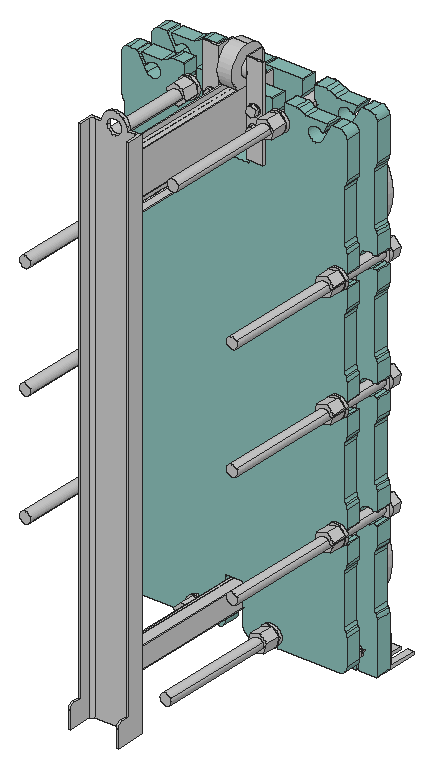
Revit family "MIT 741 - Heat Exchanger", category Specialty Equipment, Revit 2022 (continued)
Forms (mm)
  Extrusion 32, void
    sketch origin (-52.5, -548, 0) x (1, 0, 0) y (0, 0, 1)
      loop
        line (88, 1453) -> (120, 1453) -> (120, 2169.894) -> (-15, 2169.894) -> (-15, 1453) -> (17, 1453)
      loop
        circle (52.5, 1451.5) r 20
    from -8 to 72
  Extrusion 33, void
    sketch origin (-67.5, -620, 0) x (0, 1, 0) y (0, 0, -1)
      loop
        arc (15, -60) -> (4.393, -55.607) -> (0, -45) r 15
        line (0, -45) -> (0, -2134) -> (35, -2134) -> (35, -60) -> (15, -60)
    from -143.878 to 16.14
  Extrusion 34, solid, material "Galvanized Steel- S235JR", detail levels fine
    sketch origin (0, 0, 0) x (1, 0, 0) y (0, 0, 1)
      loop
        circle (252.5, 46.75) r 14
      loop
        circle (-252.5, 46.75) r 14
    from -11 to -8
  Extrusion 35, solid, material "Galvanized Steel", detail levels medium
    sketch origin (4.063, 0, 0) x (1, 0, 0) y (0, 0, 1)
      loop
        line (-309.063, 0) -> (-204.063, 0) -> (-204.063, 25) -> (-179.063, 50) -> (170.937, 50) -> (195.937, 25) -> (195.937, 0) -> (300.937, 0) -> (300.937, 1380) -> (-309.063, 1380) -> (-309.063, 0)
      loop
        circle (-152.563, 1140) r 65
      loop
        circle (-152.563, 250) r 65
      loop
        circle (-284.063, 1004.99) r 21
      loop
        circle (-224.063, 1333) r 20
      loop
        circle (-284.063, 695) r 21
      loop
        circle (-284.063, 385) r 21
      loop
        circle (-256.563, 46.75) r 11
      loop
        circle (-104.063, 77.5) r 21
      loop
        circle (-4.063, 90) r 9.5
      loop
        circle (-4.063, 150) r 9.5
      loop
        circle (-124.063, 1330) r 21
      loop
        circle (-4.063, 1343) r 9.5
      loop
        circle (-4.063, 1283) r 9.5
      loop
        circle (144.437, 1140) r 65
      loop
        circle (144.437, 250) r 65
      loop
        circle (275.937, 1004.99) r 21
      loop
        circle (215.937, 1333) r 20
      loop
        circle (275.937, 695) r 21
      loop
        circle (275.937, 385) r 21
      loop
        circle (248.437, 46.75) r 11
      loop
        circle (95.937, 77.5) r 21
      loop
        circle (115.937, 1330) r 21
    from 0 to 40
  Extrusion 36, solid, material "Galvanized Steel", detail levels medium
    sketch origin (4.063, -102, 0) x (-1, 0, 0) y (0, 0, 1)
      loop
        line (-18.937, 50) -> (-18.937, 180) -> (27.063, 180) -> (27.063, 50) -> (309.063, 50) -> (309.063, 1380) -> (45.063, 1380) -> (45.063, 1200.5) -> (-36.937, 1200.5) -> (-36.937, 1380) -> (-300.937, 1380) -> (-300.937, 50) -> (-18.937, 50)
      loop
        circle (-95.937, 77.5) r 21
      loop
        circle (-275.937, 385) r 21
      loop
        circle (-275.937, 695) r 21
      loop
        circle (-275.937, 1004.99) r 21
      loop
        circle (-115.937, 1330) r 21
      loop
        circle (-215.937, 1333) r 20
      loop
        circle (104.063, 77.5) r 21
      loop
        circle (284.063, 385) r 21
      loop
        circle (284.063, 695) r 21
      loop
        circle (284.063, 1004.99) r 21
      loop
        circle (124.063, 1330) r 21
      loop
        circle (224.063, 1333) r 20
      loop
        circle (61.763, 1337.7) r 10.5
      loop
        circle (61.763, 1287.7) r 10.5
      loop
        circle (-53.637, 1287.7) r 10.5
      loop
        circle (-53.637, 1337.7) r 10.5
    from 0 to -40 <- "Follower Plate"
  Extrusion 37, solid, material "AISI 316L/Titanium/Hastelloy", detail levels medium
    sketch origin (0, -40, 0) x (-1, 0, 0) y (0, 0, 1)
      loop
        circle (-148.5, 1140) r 72.5
      loop
        circle (-148.5, 250) r 72.5
      loop
        line (-10.629, 1246.5) -> (-177, 1246.5) -> (-247, 1176.5) -> (-247, 213.5) -> (-177, 143.5) -> (-10.629, 143.5) -> (-41.555, 177) -> (41.555, 177) -> (10.629, 143.5) -> (177, 143.5) -> (247, 213.5) -> (247, 1176.5) -> (177, 1246.5) -> (10.629, 1246.5) -> (41.555, 1213) -> (-41.555, 1213) -> (-10.629, 1246.5)
      loop
        circle (148.5, 1140) r 72.5
      loop
        circle (148.5, 250) r 72.5
    from 0 to -62
  Extrusion 38, solid, material "AISI 316L/Titanium/Hastelloy", detail levels coarse
    sketch origin (0, -40, 0) x (-1, 0, 0) y (0, 0, 1)
      loop
        line (-33.85, 1246.5) -> (-247, 1246.5) -> (-247, 143.5) -> (-33.85, 143.5) -> (-33.85, 177) -> (33.85, 177) -> (33.85, 143.5) -> (247, 143.5) -> (247, 1246.5) -> (33.85, 1246.5) -> (33.85, 1213) -> (-33.85, 1213) -> (-33.85, 1246.5)
    from 0 to -62
  Extrusion 39, solid, material "Galvanized Steel- S235JR", detail levels coarse
    sketch origin (0, 0, 0) x (1, 0, 0) y (0, 0, 1)
      loop
        circle (148.5, 1140) r 142.5
      loop
        circle (-148.5, 1140) r 142.5
      loop
        circle (148.5, 250) r 142.5
      loop
        circle (-148.5, 250) r 142.5
    from -28.2 to 0
  Extrusion 40, solid, material "Galvanized Steel", detail levels coarse
    sketch origin (4.063, 0, 0) x (1, 0, 0) y (0, 0, 1)
      loop
        line (-309.063, 0) -> (300.937, 0) -> (300.937, 1380) -> (-309.063, 1380) -> (-309.063, 0)
      loop
        circle (-284.063, 1004.99) r 21
      loop
        circle (-284.063, 695) r 21
      loop
        circle (-284.063, 385) r 21
      loop
        circle (-256.563, 46.75) r 11
      loop
        circle (-104.063, 77.5) r 21
      loop
        circle (-124.063, 1330) r 21
      loop
        circle (275.937, 1004.99) r 21
      loop
        circle (275.937, 695) r 21
      loop
        circle (275.937, 385) r 21
      loop
        circle (248.437, 46.75) r 11
      loop
        circle (95.937, 77.5) r 21
      loop
        circle (115.937, 1330) r 21
    from 0 to 40
  Extrusion 41, solid, material "Galvanized Steel", detail levels coarse
    sketch origin (4.063, -102, 0) x (-1, 0, 0) y (0, 0, 1)
      loop
        line (-18.937, 50) -> (-18.937, 180) -> (27.063, 180) -> (27.063, 50) -> (309.063, 50) -> (309.063, 1380) -> (45.063, 1380) -> (45.063, 1200.5) -> (-36.937, 1200.5) -> (-36.937, 1380) -> (-300.937, 1380) -> (-300.937, 50) -> (-18.937, 50)
      loop
        circle (-95.937, 77.5) r 21
      loop
        circle (-275.937, 385) r 21
      loop
        circle (-275.937, 695) r 21
      loop
        circle (-275.937, 1004.99) r 21
      loop
        circle (-115.937, 1330) r 21
      loop
        circle (104.063, 77.5) r 21
      loop
        circle (284.063, 385) r 21
      loop
        circle (284.063, 695) r 21
      loop
        circle (284.063, 1004.99) r 21
      loop
        circle (224.063, 1333) r 20
      loop
        circle (61.763, 1337.7) r 10.5
      loop
        circle (61.763, 1287.7) r 10.5
      loop
        circle (-53.637, 1287.7) r 10.5
      loop
        circle (-53.637, 1337.7) r 10.5
    from 0 to -40 <- "Follower Plate"
  Extrusion 42, solid, material "AISI 316L/Titanium/Hastelloy", detail levels coarse
    sketch origin (0, 0, 0) x (0, 1, 0) y (1, 0, 0)
      loop
        line (-540, 67.5) -> (-620, 67.5) -> (-620, -67.5) -> (-540, -67.5) -> (-540, 67.5)
    from 0 to -1489
  Revolve 43, solid, material "EPDM", detail levels fine
    sketch origin (0, 0, 1140) x (1, 0, 0) y (0, 1, 0)
      loop
        line (233.75, -43) -> (233.75, -40) -> (213.5, -40) -> (213.5, 0) -> (233.75, 0) -> (233.75, 3) -> (210.5, 3) -> (210.5, -43) -> (233.75, -43)
      axis (148.5, -43) -> (148.5, 3)
    angle from 0 to 360
  Revolve 44, solid, material "EPDM", detail levels fine
    sketch origin (-297, 0, 1140) x (1, 0, 0) y (0, 1, 0)
      loop
        line (233.75, -43) -> (233.75, -40) -> (213.5, -40) -> (213.5, 0) -> (233.75, 0) -> (233.75, 3) -> (210.5, 3) -> (210.5, -43) -> (233.75, -43)
      axis (148.5, -43) -> (148.5, 3)
    angle from 0 to 360
  Revolve 45, solid, material "EPDM", detail levels fine
    sketch origin (-297, 0, 250) x (1, 0, 0) y (0, 1, 0)
      loop
        line (233.75, -43) -> (233.75, -40) -> (213.5, -40) -> (213.5, 0) -> (233.75, 0) -> (233.75, 3) -> (210.5, 3) -> (210.5, -43) -> (233.75, -43)
      axis (148.5, -43) -> (148.5, 3)
    angle from 0 to 360
  Revolve 46, solid, material "EPDM", detail levels fine
    sketch origin (0, 0, 250) x (1, 0, 0) y (0, 1, 0)
      loop
        line (233.75, -43) -> (233.75, -40) -> (213.5, -40) -> (213.5, 0) -> (233.75, 0) -> (233.75, 3) -> (210.5, 3) -> (210.5, -43) -> (233.75, -43)
      axis (148.5, -43) -> (148.5, 3)
    angle from 0 to 360
Cuts and joins
  Extrusion 17 cuts Extrusion 18
  joined: Extrusion 19, Extrusion 20
  joined: Extrusion 21, Extrusion 22
  Extrusion 32, Extrusion 33 cuts Extrusion 11
Dimensions and locks
  "Lk": plane 7 "1" to plane 6 "2"
  "Head & Follower Plate": plane 1 "Center (Front/Back)" to plane 7 "1"
  "Lc": plane 7 "1" to plane 8 "3"
  "Lc": plane 10 to plane 1 "Center (Front/Back)"
  locked: Extrusion 11 sketch curve to Extrusion 11 sketch curve at 80
  locked: Extrusion 30 to plane 6 "2" at 24.122
  locked: Revolve 43 sketch curve to plane 1 "Center (Front/Back)" at 3
  locked: Revolve 43 sketch curve to plane 7 "1" at 3
  locked: Revolve 43 sketch curve to Revolve 43 sketch curve at 3
  locked: Revolve 44 sketch curve to Revolve 44 sketch curve at 3
  locked: Revolve 45 sketch curve to Revolve 45 sketch curve at 3
  locked: Revolve 46 sketch curve to Revolve 46 sketch curve at 3
  aligned and locked: level to plane 2
  aligned and locked: Extrusion 1 to plane 7 "1"
  aligned and locked: Extrusion 1 to plane 1 "Center (Front/Back)"
  aligned and locked: Extrusion 4 to plane 10
  aligned and locked: Extrusion 4 to plane 1 "Center (Front/Back)"
  aligned and locked: Extrusion 3 to plane 8 "3"
  aligned and locked: Extrusion 3 to Extrusion 1
  aligned and locked: Extrusion 11 sketch curve to Extrusion 11 sketch curve
  aligned and locked: Extrusion 30 to Extrusion 26
  aligned and locked: Extrusion 31 to Extrusion 2
  aligned and locked: Extrusion 37 to Extrusion 36  (x2)
  aligned and locked: Extrusion 2 to Extrusion 38
  aligned and locked: Extrusion 42 sketch curve to cut or joined group of Extrusion 11, Extrusion 32, Extrusion 33  (x4)
  aligned and locked: Extrusion 40 to Revolve 43 sketch curve  (x2)
Automatic sketch dimensions
  Extrusion 1 sketch curve to Extrusion 1 sketch curve = 0.00 mm  (x39)
  Extrusion 1 sketch curve to level = 0.00 mm  (x4)
  Extrusion 1 sketch curve to plane 11 "12" = 0.00 mm  (x2)
  Extrusion 1 sketch curve to plane 3 "Center (Left/Right)" = 0.00 mm  (x4)
  Extrusion 1 sketch curve to plane 3 "Center (Left/Right)" = 3.00 mm  (x4)
  Extrusion 1 sketch curve to Extrusion 1 sketch curve = 2.00 mm  (x50)
  Extrusion 1 sketch curve to Extrusion 1 sketch curve = 76.75 mm  (x2)
  Extrusion 1 sketch curve to Extrusion 1 sketch curve = 16.25 mm  (x18)
  Extrusion 1 sketch curve to Extrusion 1 sketch curve = 96.75 mm  (x2)
  Extrusion 1 sketch curve to Extrusion 1 sketch curve = 32.50 mm  (x4)
  Extrusion 1 sketch curve to plane 3 "Center (Left/Right)" = 148.50 mm  (x2)
  Extrusion 1 sketch curve to Extrusion 1 sketch curve = 26.391 mm  (x2)
  Extrusion 1 sketch curve to Extrusion 1 sketch curve = 50.537 mm  (x2)
  Extrusion 1 sketch curve to Extrusion 1 sketch curve = 10.00 mm  (x6)
  level to Extrusion 1 sketch curve = 45.607 mm  (x2)
  Extrusion 1 sketch curve to Extrusion 1 sketch curve = 10.607 mm  (x6)
  Extrusion 1 sketch curve to Extrusion 1 sketch curve = 16.213 mm  (x2)
  Extrusion 1 sketch curve to Extrusion 1 sketch curve = 11.503 mm  (x2)
  level to Extrusion 1 sketch curve = 29.393 mm  (x2)
  Extrusion 1 sketch curve to Extrusion 1 sketch curve = 4.393 mm  (x2)
  Extrusion 1 sketch curve to Extrusion 1 sketch curve = 23.856 mm  (x2)
  Extrusion 1 sketch curve to Extrusion 1 sketch curve = 17.321 mm  (x8)
  Extrusion 1 sketch curve to Extrusion 1 sketch curve = 1.138 mm
  Extrusion 1 sketch curve to Extrusion 1 sketch curve = 1.732 mm  (x6)
  level to Extrusion 1 sketch curve = 2.00 mm  (x4)
  Extrusion 1 sketch curve to Extrusion 1 sketch curve = 45.50 mm  (x4)
  Extrusion 1 sketch curve to Extrusion 1 sketch curve = 12.141 mm  (x2)
  Extrusion 1 sketch curve to Extrusion 1 sketch curve = 3.00 mm  (x4)
  Extrusion 1 sketch curve to Extrusion 1 sketch curve = 6.00 mm  (x2)
  Extrusion 1 sketch curve to Extrusion 1 sketch curve = 10.392 mm  (x2)
  Extrusion 1 sketch curve to plane 3 "Center (Left/Right)" = 280.00 mm
  Extrusion 1 sketch curve to Extrusion 1 sketch curve = 131.50 mm  (x4)
  Extrusion 1 sketch curve to Extrusion 1 sketch curve = 20.544 mm  (x2)
  Extrusion 1 sketch curve to Extrusion 1 sketch curve = 5.00 mm  (x12)
  Extrusion 1 sketch curve to Extrusion 1 sketch curve = 47.679 mm  (x2)
  Extrusion 1 sketch curve to Extrusion 1 sketch curve = 13.998 mm  (x12)
  Extrusion 1 sketch curve to Extrusion 1 sketch curve = 12.00 mm  (x10)
  Extrusion 1 sketch curve to Extrusion 1 sketch curve = 2.679 mm  (x28)
  plane 11 "12" to Extrusion 1 sketch curve = 94.631 mm  (x2)
  Extrusion 1 sketch curve to plane 11 "12" = 215.369 mm  (x2)
  Extrusion 1 sketch curve to plane 11 "12" = 54.651 mm  (x2)
  level to Extrusion 1 sketch curve = 155.349 mm  (x2)
  Extrusion 1 sketch curve to Extrusion 1 sketch curve = 2.641 mm  (x16)
  plane 11 "12" to Extrusion 1 sketch curve = 99.205 mm  (x2)
  Extrusion 1 sketch curve to plane 11 "12" = 59.225 mm  (x2)
  level to Extrusion 1 sketch curve = 150.775 mm  (x2)
  Extrusion 1 sketch curve to Extrusion 1 sketch curve = 9.002 mm  (x12)
  Extrusion 1 sketch curve to Extrusion 1 sketch curve = 20.00 mm  (x11)
  plane 3 "Center (Left/Right)" to Extrusion 1 sketch curve = 3.00 mm  (x4)
  plane 3 "Center (Left/Right)" to Extrusion 1 sketch curve = 148.50 mm  (x2)
  Extrusion 1 sketch curve to Extrusion 1 sketch curve = 18.458 mm
  plane 3 "Center (Left/Right)" to Extrusion 1 sketch curve = 280.00 mm
  Extrusion 1 sketch curve to Extrusion 1 sketch curve = 32.75 mm  (x2)
  Extrusion 1 sketch curve to Extrusion 1 sketch curve = 11.502 mm  (x2)
  Extrusion 1 sketch curve to Extrusion 1 sketch curve = 12.198 mm  (x2)
  Extrusion 1 sketch curve to Extrusion 1 sketch curve = 13.302 mm  (x4)
  Extrusion 1 sketch curve to Extrusion 1 sketch curve = 27.644 mm
  Extrusion 1 sketch curve to Extrusion 1 sketch curve = 10.356 mm  (x6)
  Extrusion 1 sketch curve to Extrusion 1 sketch curve = 39.288 mm  (x2)
  Extrusion 1 sketch curve to Extrusion 1 sketch curve = 84.651 mm  (x2)
  Extrusion 1 sketch curve to Extrusion 1 sketch curve = 129.282 mm  (x4)
  Extrusion 1 sketch curve to Extrusion 1 sketch curve = 4.574 mm  (x10)
  Extrusion 1 sketch curve to Extrusion 1 sketch curve = 47.545 mm  (x4)
  Extrusion 1 sketch curve to Extrusion 1 sketch curve = 47.525 mm  (x4)
  Extrusion 1 sketch curve to Extrusion 1 sketch curve = 47.535 mm  (x2)
  plane 11 "12" to Extrusion 1 sketch curve = 143.00 mm
  Extrusion 1 sketch curve to Extrusion 1 sketch curve = 73.795 mm  (x2)
  Extrusion 1 sketch curve to Extrusion 1 sketch curve = 7.00 mm  (x2)
  Extrusion 1 sketch curve to Extrusion 1 sketch curve = 20.971 mm  (x2)
  Extrusion 1 sketch curve to Extrusion 1 sketch curve = 1.00 mm  (x4)
  Extrusion 1 sketch curve to Extrusion 1 sketch curve = 4.029 mm  (x2)
  Extrusion 1 sketch curve to Extrusion 1 sketch curve = 16.698 mm  (x2)
  Extrusion 1 sketch curve to Extrusion 1 sketch curve = 6.641 mm  (x2)
  Extrusion 1 sketch curve to Extrusion 1 sketch curve = 43.592 mm  (x8)
  Extrusion 1 sketch curve to Extrusion 1 sketch curve = 48.216 mm  (x2)
  Extrusion 1 sketch curve to plane 11 "12" = 48.216 mm  (x2)
  plane 3 "Center (Left/Right)" to Extrusion 2 sketch curve = 317.00 mm  (x3)
  Extrusion 2 sketch curve to plane 11 "12" = 44.651 mm
  Extrusion 2 sketch curve to Extrusion 2 sketch curve = 0.00 mm  (x25)
  Extrusion 2 sketch curve to Extrusion 2 sketch curve = 12.00 mm  (x11)
  Extrusion 2 sketch curve to Extrusion 2 sketch curve = 2.00 mm  (x33)
  Extrusion 2 sketch curve to Extrusion 2 sketch curve = 2.679 mm  (x24)
  plane 11 "12" to Extrusion 2 sketch curve = 99.205 mm  (x2)
  Extrusion 2 sketch curve to plane 11 "12" = 59.225 mm  (x2)
  level to Extrusion 2 sketch curve = 150.775 mm  (x2)
  Extrusion 2 sketch curve to plane 11 "12" = 210.795 mm
  Extrusion 2 sketch curve to Extrusion 2 sketch curve = 2.641 mm  (x16)
  Extrusion 2 sketch curve to plane 11 "12" = 54.651 mm  (x2)
  plane 11 "12" to Extrusion 2 sketch curve = 94.631 mm  (x2)
  level to Extrusion 2 sketch curve = 155.349 mm  (x2)
  Extrusion 2 sketch curve to Extrusion 2 sketch curve = 9.002 mm  (x12)
  Extrusion 2 sketch curve to Extrusion 2 sketch curve = 17.321 mm  (x11)
  Extrusion 2 sketch curve to Extrusion 2 sketch curve = 20.00 mm  (x12)
  Extrusion 2 sketch curve to Extrusion 2 sketch curve = 13.998 mm  (x9)
  Extrusion 2 sketch curve to Extrusion 2 sketch curve = 20.544 mm  (x2)
  Extrusion 2 sketch curve to Extrusion 2 sketch curve = 1.732 mm  (x6)
  Extrusion 2 sketch curve to Extrusion 2 sketch curve = 10.392 mm  (x2)
  Extrusion 2 sketch curve to Extrusion 2 sketch curve = 12.141 mm  (x2)
  Extrusion 2 sketch curve to Extrusion 2 sketch curve = 2.87 mm
  Extrusion 2 sketch curve to Extrusion 2 sketch curve = 23.856 mm  (x2)
  Extrusion 2 sketch curve to Extrusion 2 sketch curve = 10.00 mm  (x6)
  Extrusion 2 sketch curve to Extrusion 2 sketch curve = 11.503 mm  (x2)
  Extrusion 2 sketch curve to Extrusion 2 sketch curve = 26.391 mm  (x2)
  Extrusion 2 sketch curve to Extrusion 2 sketch curve = 28.391 mm
  Extrusion 2 sketch curve to Extrusion 2 sketch curve = 16.25 mm  (x17)
  level to Extrusion 2 sketch curve = 52.00 mm
  plane 3 "Center (Left/Right)" to Extrusion 2 sketch curve = 118.25 mm
  Extrusion 2 sketch curve to Extrusion 2 sketch curve = 32.50 mm  (x2)
  Extrusion 2 sketch curve to Extrusion 2 sketch curve = 46.05 mm
  Extrusion 2 sketch curve to Extrusion 2 sketch curve = 10.062 mm  (x4)
  Extrusion 2 sketch curve to Extrusion 2 sketch curve = 38.75 mm  (x2)
  Extrusion 2 sketch curve to Extrusion 2 sketch curve = 6.638 mm  (x4)
  Extrusion 2 sketch curve to Extrusion 2 sketch curve = 3.00 mm  (x8)
  Extrusion 2 sketch curve to plane 3 "Center (Left/Right)" = 20.00 mm
  Extrusion 2 sketch curve to plane 3 "Center (Left/Right)" = 39.00 mm
  Extrusion 2 sketch curve to plane 3 "Center (Left/Right)" = 41.00 mm
  Extrusion 2 sketch curve to Extrusion 2 sketch curve = 60.75 mm
  Extrusion 2 sketch curve to Extrusion 2 sketch curve = 1.138 mm
  Extrusion 2 sketch curve to plane 3 "Center (Left/Right)" = 280.00 mm  (x3)
  Extrusion 2 sketch curve to plane 11 "12" = 135.01 mm
  Extrusion 2 sketch curve to Extrusion 2 sketch curve = 5.00 mm  (x6)
  Extrusion 2 sketch curve to Extrusion 2 sketch curve = 47.679 mm
  level to Extrusion 2 sketch curve = 50.00 mm  (x3)
  Extrusion 2 sketch curve to Extrusion 2 sketch curve = 166.75 mm
  Extrusion 2 sketch curve to plane 11 "12" = 215.369 mm
  Extrusion 2 sketch curve to Extrusion 2 sketch curve = 11.502 mm  (x2)
  Extrusion 2 sketch curve to Extrusion 2 sketch curve = 12.198 mm  (x2)
  Extrusion 2 sketch curve to Extrusion 2 sketch curve = 13.302 mm  (x4)
  Extrusion 2 sketch curve to Extrusion 2 sketch curve = 107.00 mm
  Extrusion 2 sketch curve to Extrusion 2 sketch curve = 129.282 mm  (x4)
  Extrusion 2 sketch curve to Extrusion 2 sketch curve = 4.574 mm  (x9)
  Extrusion 2 sketch curve to Extrusion 2 sketch curve = 47.545 mm  (x4)
  Extrusion 2 sketch curve to Extrusion 2 sketch curve = 47.525 mm  (x4)
  Extrusion 2 sketch curve to Extrusion 2 sketch curve = 14.574 mm
  Extrusion 2 sketch curve to Extrusion 2 sketch curve = 47.535 mm
  Extrusion 2 sketch curve to Extrusion 2 sketch curve = 18.25 mm
  plane 11 "12" to Extrusion 2 sketch curve = 60.50 mm
  Extrusion 2 sketch curve to Extrusion 2 sketch curve = 82.20 mm
  Extrusion 2 sketch curve to Extrusion 2 sketch curve = 73.795 mm  (x2)
  Extrusion 2 sketch curve to Extrusion 2 sketch curve = 42.30 mm  (x2)
  Extrusion 2 sketch curve to Extrusion 2 sketch curve = 44.00 mm  (x2)
  Extrusion 2 sketch curve to Extrusion 2 sketch curve = 20.971 mm  (x2)
  Extrusion 2 sketch curve to Extrusion 2 sketch curve = 1.00 mm  (x4)
  Extrusion 2 sketch curve to Extrusion 2 sketch curve = 4.029 mm  (x2)
  Extrusion 2 sketch curve to Extrusion 2 sketch curve = 16.698 mm  (x2)
  Extrusion 2 sketch curve to Extrusion 2 sketch curve = 6.641 mm  (x2)
  Extrusion 3 sketch curve to plane 3 "Center (Left/Right)" = 26.125 mm
  Extrusion 3 sketch curve to plane 3 "Center (Left/Right)" = 23.125 mm
  Extrusion 3 sketch curve to Extrusion 3 sketch curve = 2.00 mm  (x11)
  Extrusion 3 sketch curve to Extrusion 3 sketch curve = 3.00 mm  (x10)
  Extrusion 3 sketch curve to plane 3 "Center (Left/Right)" = 20.00 mm
  Extrusion 3 sketch curve to Extrusion 3 sketch curve = 1.00 mm  (x2)
  Extrusion 3 sketch curve to Extrusion 3 sketch curve = 6.00 mm  (x2)
  Extrusion 3 sketch curve to plane 3 "Center (Left/Right)" = 6.125 mm  (x2)
  Extrusion 3 sketch curve to plane 3 "Center (Left/Right)" = 3.125 mm
  plane 3 "Center (Left/Right)" to Extrusion 3 sketch curve = 2.875 mm  (x2)
  plane 3 "Center (Left/Right)" to Extrusion 3 sketch curve = 12.875 mm
  Extrusion 3 sketch curve to Extrusion 3 sketch curve = 7.00 mm  (x2)
  plane 3 "Center (Left/Right)" to Extrusion 3 sketch curve = 15.00 mm  (x2)
  Extrusion 3 sketch curve to Extrusion 3 sketch curve = 8.00 mm
  Extrusion 3 sketch curve to Extrusion 3 sketch curve = 20.00 mm
  level to Extrusion 3 sketch curve = 110.00 mm
  Extrusion 3 sketch curve to Extrusion 3 sketch curve = 50.00 mm
  plane 11 "12" to Extrusion 3 sketch curve = 87.00 mm
  Extrusion 3 sketch curve to Extrusion 3 sketch curve = 0.00 mm  (x3)
  Extrusion 3 sketch curve to Extrusion 3 sketch curve = 24.00 mm
  Extrusion 3 sketch curve to Extrusion 3 sketch curve = 86.00 mm
  Extrusion 3 sketch curve to Extrusion 3 sketch curve = 5.00 mm
  Extrusion 3 sketch curve to Extrusion 3 sketch curve = 12.00 mm  (x2)
  Extrusion 4 sketch curve to Extrusion 4 sketch curve = 0.00 mm  (x20)
  Extrusion 4 sketch curve to plane 3 "Center (Left/Right)" = 280.00 mm  (x3)
  Extrusion 4 sketch curve to plane 11 "12" = 135.01 mm  (x2)
  Extrusion 4 sketch curve to plane 3 "Center (Left/Right)" = 120.00 mm
  Extrusion 4 sketch curve to plane 3 "Center (Left/Right)" = 100.00 mm
  plane 3 "Center (Left/Right)" to Extrusion 4 sketch curve = 100.00 mm
  plane 3 "Center (Left/Right)" to Extrusion 4 sketch curve = 120.00 mm
  plane 3 "Center (Left/Right)" to Extrusion 4 sketch curve = 280.00 mm  (x3)
  Extrusion 4 sketch curve to Extrusion 4 sketch curve = 310.00 mm  (x4)
  level to Extrusion 4 sketch curve = 77.50 mm  (x2)
  plane 11 "12" to Extrusion 4 sketch curve = 190.00 mm  (x2)
  Extrusion 4 sketch curve to Extrusion 4 sketch curve = 12.035 mm  (x12)
  Extrusion 4 sketch curve to Extrusion 4 sketch curve = 14.022 mm  (x8)
  Extrusion 4 sketch curve to Extrusion 4 sketch curve = 8.953 mm  (x6)
  Extrusion 4 sketch curve to Extrusion 4 sketch curve = 5.327 mm  (x4)
  level to Extrusion 5 sketch curve = 46.189 mm
  Extrusion 5 sketch curve to plane 3 "Center (Left/Right)" = 266.345 mm
  level to Extrusion 5 sketch curve = 58.46 mm
  Extrusion 5 sketch curve to Extrusion 5 sketch curve = 6.437 mm
  level to Extrusion 5 sketch curve = 34.479 mm
  Extrusion 5 sketch curve to Extrusion 5 sketch curve = 7.408 mm  (x2)
  level to Extrusion 5 sketch curve = 59.021 mm
  Extrusion 5 sketch curve to Extrusion 5 sketch curve = 13.845 mm  (x2)
  level to Extrusion 5 sketch curve = 35.04 mm
  level to Extrusion 5 sketch curve = 47.311 mm
  level to Extrusion 5 sketch curve = 41.574 mm
  plane 3 "Center (Left/Right)" to Extrusion 5 sketch curve = 239.647 mm
  level to Extrusion 5 sketch curve = 55.293 mm
  Extrusion 5 sketch curve to Extrusion 5 sketch curve = 1.944 mm  (x2)
  level to Extrusion 5 sketch curve = 33.031 mm
  Extrusion 5 sketch curve to Extrusion 5 sketch curve = 10.909 mm
  level to Extrusion 5 sketch curve = 60.469 mm
  Extrusion 5 sketch curve to Extrusion 5 sketch curve = 12.853 mm  (x2)
  level to Extrusion 5 sketch curve = 38.207 mm
  level to Extrusion 5 sketch curve = 51.926 mm
  Extrusion 6 sketch curve to Extrusion 6 sketch curve = 0.00 mm  (x2)
  Extrusion 6 sketch curve to Extrusion 1 = 4.485 mm  (x2)
  Extrusion 1 to Extrusion 6 sketch curve = 1.036 mm  (x2)
  Extrusion 7 sketch curve to Extrusion 7 sketch curve = 0.00 mm  (x4)
  level to Extrusion 7 sketch curve = 46.75 mm  (x2)
  Extrusion 7 sketch curve to plane 3 "Center (Left/Right)" = 252.50 mm
  plane 3 "Center (Left/Right)" to Extrusion 7 sketch curve = 252.50 mm
  Extrusion 7 sketch curve to Extrusion 7 sketch curve = 3.743 mm  (x2)
  Extrusion 7 sketch curve to Extrusion 7 sketch curve = 0.982 mm  (x2)
  Extrusion 7 sketch curve to Extrusion 7 sketch curve = 5.915 mm
  Extrusion 7 sketch curve to Extrusion 7 sketch curve = 6.931 mm
  Extrusion 1 to Extrusion 8 sketch curve = 3.811 mm
  Extrusion 8 sketch curve to Extrusion 1 = 10.845 mm  (x2)
  Extrusion 8 sketch curve to Extrusion 1 = 4.408 mm  (x2)
  Extrusion 8 sketch curve to Extrusion 1 = 3.437 mm  (x2)
  Extrusion 1 to Extrusion 8 sketch curve = 2.689 mm
  Extrusion 8 sketch curve to Extrusion 1 = 9.853 mm  (x2)
  Extrusion 8 sketch curve to Extrusion 1 = 7.909 mm  (x2)
  Extrusion 1 to Extrusion 8 sketch curve = 1.056 mm  (x2)
  Extrusion 8 sketch curve to Extrusion 1 = 1.926 mm
  Extrusion 1 to Extrusion 8 sketch curve = 8.426 mm
  Extrusion 1 to Extrusion 8 sketch curve = 11.793 mm
  Extrusion 8 sketch curve to Extrusion 8 sketch curve = 12.271 mm
  Extrusion 8 sketch curve to Extrusion 8 sketch curve = 11.71 mm
  Extrusion 8 sketch curve to Extrusion 8 sketch curve = 5.176 mm
  Extrusion 8 sketch curve to Extrusion 1 = 5.293 mm
  Extrusion 8 sketch curve to Extrusion 1 = 8.46 mm
  Extrusion 8 sketch curve to Extrusion 1 = 9.021 mm
  Extrusion 8 sketch curve to Extrusion 1 = 10.469 mm
  Extrusion 9 sketch curve to plane 3 "Center (Left/Right)" = 272.872 mm  (x2)
  Extrusion 9 sketch curve to plane 11 "12" = 49.015 mm
  plane 11 "12" to Extrusion 9 sketch curve = 39.439 mm
  Extrusion 9 sketch curve to Extrusion 9 sketch curve = 1.261 mm  (x4)
  plane 11 "12" to Extrusion 9 sketch curve = 53.286 mm
  Extrusion 9 sketch curve to Extrusion 9 sketch curve = 0.508 mm  (x25)
  Extrusion 9 sketch curve to plane 11 "12" = 35.771 mm
  Extrusion 9 sketch curve to Extrusion 9 sketch curve = 4.075 mm  (x17)
  Extrusion 9 sketch curve to Extrusion 9 sketch curve = 9.432 mm  (x29)
  Extrusion 9 sketch curve to plane 11 "12" = 59.166 mm  (x2)
  Extrusion 9 sketch curve to Extrusion 9 sketch curve = 11.738 mm  (x22)
  plane 11 "12" to Extrusion 9 sketch curve = 32.075 mm  (x2)
  plane 11 "12" to Extrusion 9 sketch curve = 59.769 mm
  Extrusion 9 sketch curve to Extrusion 9 sketch curve = 12.246 mm  (x31)
  Extrusion 9 sketch curve to Extrusion 9 sketch curve = 13.507 mm  (x32)
  Extrusion 9 sketch curve to plane 11 "12" = 32.678 mm
  Extrusion 9 sketch curve to plane 11 "12" = 56.073 mm
  plane 11 "12" to Extrusion 9 sketch curve = 38.558 mm
  plane 11 "12" to Extrusion 9 sketch curve = 52.405 mm
  Extrusion 9 sketch curve to plane 11 "12" = 42.829 mm
  Extrusion 9 sketch curve to Extrusion 9 sketch curve = 41.665 mm  (x6)
  Extrusion 9 sketch curve to Extrusion 9 sketch curve = 39.454 mm  (x5)
  Extrusion 9 sketch curve to Extrusion 9 sketch curve = 3.093 mm  (x17)
  plane 11 "12" to Extrusion 9 sketch curve = 101.434 mm
  Extrusion 9 sketch curve to Extrusion 9 sketch curve = 6.483 mm  (x18)
  Extrusion 9 sketch curve to Extrusion 9 sketch curve = 7.364 mm  (x24)
  Extrusion 9 sketch curve to plane 11 "12" = 98.619 mm
  Extrusion 9 sketch curve to Extrusion 9 sketch curve = 10.151 mm  (x25)
  Extrusion 9 sketch curve to Extrusion 9 sketch curve = 13.244 mm  (x28)
  Extrusion 9 sketch curve to Extrusion 9 sketch curve = 13.847 mm  (x28)
  Extrusion 9 sketch curve to Extrusion 9 sketch curve = 64.753 mm  (x12)
  Extrusion 9 sketch curve to plane 3 "Center (Left/Right)" = 51.141 mm  (x2)
  Extrusion 9 sketch curve to plane 3 "Center (Left/Right)" = 49.881 mm  (x2)
  plane 3 "Center (Left/Right)" to Extrusion 9 sketch curve = 24.128 mm  (x2)
  plane 3 "Center (Left/Right)" to Extrusion 9 sketch curve = 25.388 mm  (x2)
  plane 11 "12" to Extrusion 9 sketch curve = 98.619 mm
  Extrusion 9 sketch curve to plane 11 "12" = 101.434 mm  (x2)
  plane 11 "12" to Extrusion 9 sketch curve = 42.829 mm
  Extrusion 9 sketch curve to Extrusion 9 sketch curve = 44.953 mm  (x5)
  Extrusion 9 sketch curve to plane 11 "12" = 52.405 mm
  Extrusion 9 sketch curve to Extrusion 9 sketch curve = 42.547 mm  (x5)
  Extrusion 9 sketch curve to plane 11 "12" = 38.558 mm
  plane 11 "12" to Extrusion 9 sketch curve = 56.073 mm
  plane 11 "12" to Extrusion 9 sketch curve = 32.678 mm  (x2)
  Extrusion 9 sketch curve to plane 11 "12" = 59.769 mm  (x2)
  Extrusion 9 sketch curve to plane 11 "12" = 32.075 mm
  plane 11 "12" to Extrusion 9 sketch curve = 59.166 mm
  plane 11 "12" to Extrusion 9 sketch curve = 35.771 mm
  Extrusion 9 sketch curve to plane 11 "12" = 53.286 mm
  Extrusion 9 sketch curve to plane 11 "12" = 39.439 mm
  plane 11 "12" to Extrusion 9 sketch curve = 49.015 mm
  Extrusion 9 sketch curve to Extrusion 9 sketch curve = 5.357 mm  (x2)
  Extrusion 9 sketch curve to Extrusion 9 sketch curve = 3.567 mm
  Extrusion 9 sketch curve to Extrusion 9 sketch curve = 12.754 mm
  Extrusion 9 sketch curve to Extrusion 9 sketch curve = 1.017 mm
  level to Extrusion 9 sketch curve = 374.372 mm
  Extrusion 9 sketch curve to Extrusion 9 sketch curve = 0.00 mm
  Extrusion 9 sketch curve to Extrusion 9 sketch curve = 0.603 mm
  Extrusion 10 sketch curve to plane 3 "Center (Left/Right)" = 13.027 mm
  Extrusion 10 sketch curve to plane 3 "Center (Left/Right)" = 12.909 mm
  Extrusion 10 sketch curve to plane 3 "Center (Left/Right)" = 12.854 mm
  Extrusion 10 sketch curve to plane 3 "Center (Left/Right)" = 12.05 mm
  Extrusion 10 sketch curve to plane 3 "Center (Left/Right)" = 11.95 mm
  Extrusion 10 sketch curve to plane 3 "Center (Left/Right)" = 10.908 mm
  Extrusion 10 sketch curve to plane 3 "Center (Left/Right)" = 10.816 mm
  Extrusion 10 sketch curve to plane 3 "Center (Left/Right)" = 10.602 mm
  Extrusion 10 sketch curve to plane 3 "Center (Left/Right)" = 2.425 mm
  Extrusion 10 sketch curve to plane 3 "Center (Left/Right)" = 2.093 mm
  Extrusion 10 sketch curve to plane 3 "Center (Left/Right)" = 1.946 mm
  Extrusion 10 sketch curve to plane 3 "Center (Left/Right)" = 0.10 mm
  plane 3 "Center (Left/Right)" to Extrusion 10 sketch curve = 0.10 mm
  plane 3 "Center (Left/Right)" to Extrusion 10 sketch curve = 1.946 mm
  plane 3 "Center (Left/Right)" to Extrusion 10 sketch curve = 2.093 mm
  plane 3 "Center (Left/Right)" to Extrusion 10 sketch curve = 2.425 mm
  plane 3 "Center (Left/Right)" to Extrusion 10 sketch curve = 10.602 mm
  plane 3 "Center (Left/Right)" to Extrusion 10 sketch curve = 10.816 mm
  plane 3 "Center (Left/Right)" to Extrusion 10 sketch curve = 10.908 mm
  plane 3 "Center (Left/Right)" to Extrusion 10 sketch curve = 11.95 mm
  plane 3 "Center (Left/Right)" to Extrusion 10 sketch curve = 12.05 mm
  plane 3 "Center (Left/Right)" to Extrusion 10 sketch curve = 12.854 mm
  plane 3 "Center (Left/Right)" to Extrusion 10 sketch curve = 12.909 mm
  plane 3 "Center (Left/Right)" to Extrusion 10 sketch curve = 13.027 mm
  level to Extrusion 10 sketch curve = 76.303 mm
  Extrusion 10 sketch curve to Extrusion 10 sketch curve = 5.036 mm
  Extrusion 10 sketch curve to Extrusion 10 sketch curve = 8.661 mm  (x2)
  Extrusion 10 sketch curve to Extrusion 10 sketch curve = 13.697 mm  (x2)
  Extrusion 10 sketch curve to Extrusion 10 sketch curve = 32.583 mm
  Extrusion 10 sketch curve to Extrusion 10 sketch curve = 5.174 mm
  Extrusion 10 sketch curve to Extrusion 10 sketch curve = 8.545 mm  (x2)
  Extrusion 10 sketch curve to Extrusion 10 sketch curve = 13.719 mm  (x2)
  plane 11 "12" to Extrusion 10 sketch curve = 129.357 mm
  Extrusion 10 sketch curve to Extrusion 10 sketch curve = 4.721 mm  (x2)
  Extrusion 10 sketch curve to Extrusion 10 sketch curve = 8.922 mm
  Extrusion 10 sketch curve to Extrusion 10 sketch curve = 13.643 mm  (x2)
  Extrusion 10 sketch curve to Extrusion 10 sketch curve = 32.501 mm
  Extrusion 10 sketch curve to Extrusion 10 sketch curve = 6.842 mm
  Extrusion 10 sketch curve to Extrusion 10 sketch curve = 7.014 mm  (x2)
  Extrusion 10 sketch curve to Extrusion 10 sketch curve = 13.856 mm  (x2)
  Extrusion 11 sketch curve to plane 8 "3" = 0.00 mm
  Extrusion 11 sketch curve to plane 3 "Center (Left/Right)" = 67.50 mm
  Extrusion 11 sketch curve to Extrusion 11 sketch curve = 5.00 mm
  Extrusion 11 sketch curve to plane 8 "3" = 8.00 mm
  Extrusion 11 sketch curve to Extrusion 11 sketch curve = 10.00 mm
  plane 3 "Center (Left/Right)" to Extrusion 11 sketch curve = 52.50 mm
  plane 3 "Center (Left/Right)" to Extrusion 11 sketch curve = 62.50 mm
  Extrusion 11 sketch curve to Extrusion 11 sketch curve = 15.00 mm
  Extrusion 12 sketch curve to Extrusion 12 sketch curve = 0.00 mm  (x120)
  Extrusion 12 sketch curve to plane 11 "12" = 135.01 mm  (x2)
  Extrusion 12 sketch curve to plane 3 "Center (Left/Right)" = 280.00 mm  (x3)
  Extrusion 12 sketch curve to plane 3 "Center (Left/Right)" = 120.00 mm
  Extrusion 12 sketch curve to plane 3 "Center (Left/Right)" = 100.00 mm
  plane 3 "Center (Left/Right)" to Extrusion 12 sketch curve = 100.00 mm
  plane 3 "Center (Left/Right)" to Extrusion 12 sketch curve = 120.00 mm
  plane 3 "Center (Left/Right)" to Extrusion 12 sketch curve = 280.00 mm  (x3)
  Extrusion 12 sketch curve to Extrusion 12 sketch curve = 310.00 mm  (x4)
  level to Extrusion 12 sketch curve = 77.50 mm  (x2)
  plane 11 "12" to Extrusion 12 sketch curve = 190.00 mm  (x2)
  Extrusion 12 sketch curve to Extrusion 12 sketch curve = 0.472 mm  (x10)
  Extrusion 12 sketch curve to Extrusion 12 sketch curve = 12.035 mm  (x12)
  Extrusion 12 sketch curve to Extrusion 12 sketch curve = 12.508 mm  (x6)
  Extrusion 12 sketch curve to Extrusion 12 sketch curve = 14.022 mm  (x8)
  Extrusion 12 sketch curve to Extrusion 12 sketch curve = 14.494 mm  (x4)
  Extrusion 12 sketch curve to Extrusion 12 sketch curve = 8.953 mm  (x6)
  Extrusion 12 sketch curve to Extrusion 12 sketch curve = 18.543 mm  (x2)
  Extrusion 12 sketch curve to Extrusion 12 sketch curve = 27.496 mm  (x8)
  Extrusion 12 sketch curve to Extrusion 12 sketch curve = 5.327 mm  (x4)
  Extrusion 2 to Extrusion 13 sketch curve = 0.66 mm  (x6)
  Extrusion 2 to Extrusion 13 sketch curve = 1.76 mm  (x6)
  Extrusion 13 sketch curve to Extrusion 2 = 10.10 mm  (x6)
  Extrusion 13 sketch curve to Extrusion 2 = 9.406 mm  (x4)
  Extrusion 13 sketch curve to Extrusion 2 = 23.90 mm  (x6)
  Extrusion 13 sketch curve to Extrusion 2 = 9.396 mm  (x4)
  Extrusion 13 sketch curve to Extrusion 2 = 2.539 mm  (x4)
  Extrusion 13 sketch curve to Extrusion 13 sketch curve = 25.66 mm  (x3)
  Extrusion 13 sketch curve to Extrusion 2 = 2.549 mm  (x4)
  Extrusion 2 to Extrusion 13 sketch curve = 9.393 mm  (x4)
  Extrusion 13 sketch curve to Extrusion 13 sketch curve = 18.76 mm  (x2)
  Extrusion 13 sketch curve to Extrusion 13 sketch curve = 6.90 mm  (x4)
  Extrusion 2 to Extrusion 13 sketch curve = 9.403 mm  (x4)
  Extrusion 2 to Extrusion 13 sketch curve = 2.147 mm  (x2)
  Extrusion 13 sketch curve to Extrusion 2 = 9.41 mm  (x8)
  Extrusion 13 sketch curve to Extrusion 2 = 2.51 mm  (x8)
  Extrusion 2 to Extrusion 13 sketch curve = 9.35 mm  (x4)
  Extrusion 2 to Extrusion 13 sketch curve = 3.15 mm  (x4)
  Extrusion 13 sketch curve to Extrusion 2 = 1.854 mm  (x2)
  Extrusion 13 sketch curve to Extrusion 2 = 42.66 mm  (x3)
  Extrusion 13 sketch curve to Extrusion 2 = 8.701 mm  (x2)
  Extrusion 13 sketch curve to Extrusion 2 = 20.653 mm  (x2)
  Extrusion 13 sketch curve to Extrusion 13 sketch curve = 25.646 mm  (x4)
  Extrusion 13 sketch curve to Extrusion 13 sketch curve = 6.847 mm  (x2)
  Extrusion 13 sketch curve to Extrusion 2 = 2.559 mm  (x4)
  Extrusion 2 to Extrusion 13 sketch curve = 9.413 mm  (x4)
  Extrusion 13 sketch curve to Extrusion 2 = 9.386 mm  (x4)
  Extrusion 13 sketch curve to Extrusion 2 = 13.654 mm  (x2)
  Extrusion 13 sketch curve to Extrusion 2 = 20.501 mm  (x2)
  Extrusion 13 sketch curve to Extrusion 2 = 11.547 mm  (x2)
  Extrusion 13 sketch curve to Extrusion 2 = 8.099 mm  (x2)
  Extrusion 13 sketch curve to Extrusion 2 = 12.354 mm  (x2)
  Extrusion 14 sketch curve to Extrusion 14 sketch curve = 0.00 mm  (x60)
  Extrusion 14 sketch curve to Extrusion 2 = 17.00 mm  (x4)
  Extrusion 2 to Extrusion 14 sketch curve = 16.24 mm  (x4)
  Extrusion 14 sketch curve to Extrusion 2 = 16.528 mm  (x4)
  Extrusion 14 sketch curve to Extrusion 2 = 11.246 mm  (x4)
  Extrusion 14 sketch curve to Extrusion 2 = 4.965 mm  (x6)
  Extrusion 14 sketch curve to Extrusion 2 = 17.472 mm  (x4)
  Extrusion 2 to Extrusion 14 sketch curve = 7.287 mm  (x4)
  Extrusion 14 sketch curve to Extrusion 14 sketch curve = 12.035 mm  (x4)
  Extrusion 2 to Extrusion 14 sketch curve = 7.297 mm  (x2)
  Extrusion 2 to Extrusion 14 sketch curve = 0.627 mm  (x2)
  Extrusion 14 sketch curve to Extrusion 2 = 4.222 mm  (x4)
  Extrusion 14 sketch curve to Extrusion 2 = 3.278 mm  (x2)
  Extrusion 2 to Extrusion 14 sketch curve = 2.228 mm  (x6)
  Extrusion 14 sketch curve to Extrusion 2 = 0.004 mm  (x2)
  Extrusion 14 sketch curve to Extrusion 2 = 11.256 mm  (x4)
  Extrusion 15 sketch curve to plane 11 "12" = 128.163 mm  (x2)
  Extrusion 15 sketch curve to plane 3 "Center (Left/Right)" = 305.66 mm  (x3)
  Extrusion 15 sketch curve to Extrusion 15 sketch curve = 6.90 mm  (x14)
  Extrusion 15 sketch curve to plane 11 "12" = 109.364 mm  (x2)
  Extrusion 15 sketch curve to Extrusion 15 sketch curve = 18.76 mm  (x16)
  Extrusion 15 sketch curve to Extrusion 15 sketch curve = 25.66 mm  (x20)
  Extrusion 15 sketch curve to plane 11 "12" = 116.211 mm  (x2)
  Extrusion 15 sketch curve to plane 3 "Center (Left/Right)" = 145.66 mm
  Extrusion 15 sketch curve to plane 3 "Center (Left/Right)" = 125.66 mm
  level to Extrusion 15 sketch curve = 58.701 mm  (x2)
  plane 3 "Center (Left/Right)" to Extrusion 15 sketch curve = 74.34 mm
  plane 3 "Center (Left/Right)" to Extrusion 15 sketch curve = 94.34 mm
  plane 3 "Center (Left/Right)" to Extrusion 15 sketch curve = 254.34 mm  (x3)
  Extrusion 15 sketch curve to Extrusion 15 sketch curve = 6.847 mm  (x16)
  Extrusion 15 sketch curve to Extrusion 15 sketch curve = 18.799 mm  (x12)
  Extrusion 15 sketch curve to Extrusion 15 sketch curve = 25.646 mm  (x16)
  Extrusion 15 sketch curve to Extrusion 15 sketch curve = 256.198 mm  (x2)
  Extrusion 15 sketch curve to Extrusion 15 sketch curve = 258.708 mm  (x2)
  Extrusion 15 sketch curve to Extrusion 15 sketch curve = 44.445 mm  (x2)
  plane 11 "12" to Extrusion 15 sketch curve = 164.354 mm  (x2)
  Extrusion 16 sketch curve to Extrusion 16 sketch curve = 0.00 mm  (x48)
  Extrusion 16 sketch curve to plane 11 "12" = 0.00 mm  (x2)
  Extrusion 16 sketch curve to plane 3 "Center (Left/Right)" = 148.50 mm  (x2)
  plane 3 "Center (Left/Right)" to Extrusion 16 sketch curve = 148.50 mm  (x2)
  level to Extrusion 16 sketch curve = 250.00 mm  (x2)
  Extrusion 16 sketch curve to plane 11 "12" = 85.25 mm  (x2)
  Extrusion 16 sketch curve to Extrusion 16 sketch curve = 57.25 mm  (x4)
  Extrusion 16 sketch curve to Extrusion 16 sketch curve = 142.50 mm  (x2)
  plane 1 "Center (Front/Back)" to Extrusion 17 sketch curve = 0.00 mm
  plane 9 "Bolt End" to Extrusion 17 sketch curve = 26.30 mm  (x4)
  Extrusion 17 sketch curve to Extrusion 17 sketch curve = 6.164 mm  (x8)
  Extrusion 17 sketch curve to Extrusion 17 sketch curve = 33.836 mm
  Extrusion 17 sketch curve to Extrusion 17 sketch curve = 0.00 mm  (x4)
  plane 3 "Center (Left/Right)" to Extrusion 17 sketch curve = 286.00 mm
  Extrusion 17 sketch curve to Extrusion 17 sketch curve = 8.50 mm  (x4)
  Extrusion 17 sketch curve to Extrusion 17 sketch curve = 33.00 mm  (x2)
  Extrusion 17 sketch curve to Extrusion 17 sketch curve = 16.00 mm  (x2)
  Extrusion 17 sketch curve to plane 3 "Center (Left/Right)" = 203.00 mm
  Extrusion 18 sketch curve to plane 1 "Center (Front/Back)" = 0.00 mm
  Extrusion 18 sketch curve to level = 0.00 mm
  level to Extrusion 18 sketch curve = 3.00 mm
  Extrusion 18 sketch curve to plane 1 "Center (Front/Back)" = 8.00 mm
  Extrusion 18 sketch curve to Extrusion 18 sketch curve = 3.00 mm
  plane 9 "Bolt End" to Extrusion 18 sketch curve = 66.30 mm
  Extrusion 18 sketch curve to Extrusion 18 sketch curve = 8.00 mm
  Extrusion 18 sketch curve to Extrusion 18 sketch curve = 74.00 mm
  Extrusion 19 sketch curve to Extrusion 19 sketch curve = 0.00 mm  (x9)
  Extrusion 19 sketch curve to Extrusion 2 = 1.75 mm  (x2)
  Extrusion 2 to Extrusion 19 sketch curve = 2.628 mm  (x4)
  Extrusion 19 sketch curve to Extrusion 2 = 16.712 mm  (x2)
  Extrusion 2 to Extrusion 19 sketch curve = 4.00 mm  (x2)
  Extrusion 19 sketch curve to Extrusion 2 = 16.708 mm  (x2)
  Extrusion 2 to Extrusion 19 sketch curve = 10.067 mm  (x2)
  Extrusion 2 to Extrusion 19 sketch curve = 80.567 mm
  Extrusion 2 to Extrusion 19 sketch curve = 1.529 mm  (x4)
  Extrusion 19 sketch curve to Extrusion 19 sketch curve = 7.924 mm  (x4)
  Extrusion 2 to Extrusion 19 sketch curve = 2.273 mm  (x4)
  Extrusion 20 sketch curve to Extrusion 19 = 0.00 mm  (x5)
  Extrusion 19 to Extrusion 20 sketch curve = 0.00 mm
  Extrusion 20 sketch curve to Extrusion 19 = 4.00 mm
  Extrusion 20 sketch curve to Extrusion 20 sketch curve = 4.00 mm
  Extrusion 21 sketch curve to Extrusion 21 sketch curve = 0.00 mm  (x2)
  Extrusion 20 to Extrusion 21 sketch curve = 19.562 mm
  Extrusion 21 sketch curve to Extrusion 20 = 42.507 mm
  Extrusion 20 to Extrusion 22 sketch curve = 19.563 mm
  Extrusion 22 sketch curve to Extrusion 20 = 42.499 mm
  Extrusion 23 sketch curve to Extrusion 23 sketch curve = 0.00 mm  (x2)
  Extrusion 20 to Extrusion 23 sketch curve = 19.562 mm
  Extrusion 23 sketch curve to Extrusion 20 = 42.507 mm
  Extrusion 23 sketch curve to Extrusion 23 sketch curve = 2.062 mm  (x2)
  Extrusion 23 sketch curve to Extrusion 23 sketch curve = 7.73 mm
  Extrusion 20 to Extrusion 24 sketch curve = 18.60 mm
  Extrusion 24 sketch curve to Extrusion 20 = 55.32 mm
  Extrusion 20 to Extrusion 24 sketch curve = 9.385 mm
  Extrusion 24 sketch curve to Extrusion 24 sketch curve = 3.083 mm
  Extrusion 20 to Extrusion 24 sketch curve = 9.423 mm
  Extrusion 24 sketch curve to Extrusion 24 sketch curve = 9.73 mm  (x2)
  Extrusion 20 to Extrusion 24 sketch curve = 5.548 mm
  Extrusion 24 sketch curve to Extrusion 24 sketch curve = 12.813 mm  (x2)
  Extrusion 20 to Extrusion 24 sketch curve = 13.26 mm
  Extrusion 20 to Extrusion 24 sketch curve = 14.725 mm
  Extrusion 25 sketch curve to Extrusion 25 sketch curve = 0.00 mm  (x2)
  Extrusion 20 to Extrusion 25 sketch curve = 19.562 mm
  Extrusion 25 sketch curve to Extrusion 20 = 42.507 mm
  Extrusion 25 sketch curve to Extrusion 25 sketch curve = 14.098 mm  (x2)
  Extrusion 20 to Extrusion 25 sketch curve = 14.44 mm
  Extrusion 26 sketch curve to Extrusion 26 sketch curve = 0.00 mm  (x8)
  Extrusion 2 to Extrusion 26 sketch curve = 2.895 mm  (x4)
  Extrusion 26 sketch curve to Extrusion 2 = 16.708 mm  (x4)
  Extrusion 26 sketch curve to Extrusion 2 = 3.638 mm  (x4)
  Extrusion 26 sketch curve to Extrusion 2 = 12.54 mm  (x2)
  Extrusion 26 sketch curve to Extrusion 2 = 3.205 mm  (x4)
  Extrusion 26 sketch curve to Extrusion 26 sketch curve = 13.503 mm  (x2)
  Extrusion 27 sketch curve to Extrusion 2 = 3.182 mm  (x4)
  Extrusion 27 sketch curve to Extrusion 2 = 13.049 mm  (x4)
  Extrusion 27 sketch curve to Extrusion 2 = 5.214 mm  (x4)
  Extrusion 27 sketch curve to Extrusion 2 = 14.102 mm  (x4)
  Extrusion 27 sketch curve to Extrusion 27 sketch curve = 11.941 mm  (x4)
  Extrusion 27 sketch curve to Extrusion 27 sketch curve = 12.993 mm  (x4)
  Extrusion 27 sketch curve to Extrusion 2 = 4.767 mm  (x4)
  Extrusion 27 sketch curve to Extrusion 2 = 3.715 mm  (x4)
  Extrusion 27 sketch curve to Extrusion 2 = 11.50 mm  (x4)
  Extrusion 27 sketch curve to Extrusion 2 = 3.391 mm  (x4)
  Extrusion 27 sketch curve to Extrusion 2 = 5.004 mm  (x4)
  Extrusion 27 sketch curve to Extrusion 2 = 11.291 mm  (x4)
  Extrusion 28 sketch curve to Extrusion 28 sketch curve = 0.00 mm  (x8)
  Extrusion 2 to Extrusion 28 sketch curve = 2.851 mm  (x4)
  Extrusion 28 sketch curve to Extrusion 2 = 16.708 mm  (x2)
  Extrusion 28 sketch curve to Extrusion 2 = 16.712 mm  (x2)
  Extrusion 28 sketch curve to Extrusion 28 sketch curve = 0.044 mm  (x8)
  Extrusion 28 sketch curve to Extrusion 2 = 12.149 mm  (x4)
  Extrusion 29 sketch curve to Extrusion 2 = 3.504 mm  (x4)
  Extrusion 29 sketch curve to Extrusion 2 = 14.435 mm  (x2)
  Extrusion 29 sketch curve to Extrusion 2 = 3.871 mm  (x4)
  Extrusion 29 sketch curve to Extrusion 29 sketch curve = 0.04 mm  (x3)
  Extrusion 29 sketch curve to Extrusion 29 sketch curve = 11.563 mm  (x5)
  Extrusion 29 sketch curve to Extrusion 29 sketch curve = 11.603 mm  (x6)
  Extrusion 29 sketch curve to Extrusion 2 = 5.149 mm  (x4)
  Extrusion 29 sketch curve to Extrusion 2 = 5.11 mm  (x4)
  Extrusion 29 sketch curve to Extrusion 2 = 10.524 mm  (x4)
  Extrusion 29 sketch curve to Extrusion 2 = 3.802 mm  (x4)
  Extrusion 29 sketch curve to Extrusion 2 = 3.573 mm  (x4)
  Extrusion 29 sketch curve to Extrusion 2 = 10.226 mm  (x4)
  Extrusion 30 sketch curve to Extrusion 30 sketch curve = 0.00 mm  (x8)
  Extrusion 2 to Extrusion 30 sketch curve = 2.851 mm  (x4)
  Extrusion 30 sketch curve to Extrusion 2 = 16.708 mm  (x2)
  Extrusion 30 sketch curve to Extrusion 2 = 16.712 mm  (x2)
  Extrusion 2 to Extrusion 30 sketch curve = 1.752 mm  (x4)
  Extrusion 30 sketch curve to Extrusion 30 sketch curve = 7.924 mm  (x4)
  Extrusion 2 to Extrusion 30 sketch curve = 2.05 mm  (x4)
  Extrusion 31 sketch curve to Extrusion 31 sketch curve = 0.00 mm  (x9)
  Extrusion 31 sketch curve to plane 11 "12" = 0.00 mm  (x2)
  plane 3 "Center (Left/Right)" to Extrusion 31 sketch curve = 247.00 mm
  Extrusion 31 sketch curve to Extrusion 31 sketch curve = 70.00 mm  (x3)
  plane 11 "12" to Extrusion 31 sketch curve = 36.50 mm  (x2)
  Extrusion 31 sketch curve to Extrusion 31 sketch curve = 28.50 mm  (x4)
  plane 3 "Center (Left/Right)" to Extrusion 31 sketch curve = 48.00 mm  (x2)
  Extrusion 31 sketch curve to Extrusion 31 sketch curve = 3.00 mm  (x4)
  Extrusion 31 sketch curve to Extrusion 31 sketch curve = 12.741 mm  (x2)
  Extrusion 31 sketch curve to Extrusion 31 sketch curve = 4.409 mm  (x4)
  Extrusion 31 sketch curve to Extrusion 31 sketch curve = 18.00 mm  (x4)
  Extrusion 31 sketch curve to Extrusion 31 sketch curve = 2.40 mm  (x2)
  Extrusion 31 sketch curve to Extrusion 31 sketch curve = 2.733 mm  (x4)
  Extrusion 31 sketch curve to Extrusion 31 sketch curve = 3.306 mm  (x2)
  Extrusion 31 sketch curve to plane 3 "Center (Left/Right)" = 21.294 mm  (x2)
  Extrusion 31 sketch curve to Extrusion 31 sketch curve = 0.573 mm  (x2)
  Extrusion 31 sketch curve to Extrusion 31 sketch curve = 5.133 mm  (x2)
  Extrusion 31 sketch curve to Extrusion 31 sketch curve = 6.556 mm  (x2)
  Extrusion 31 sketch curve to Extrusion 31 sketch curve = 120.65 mm  (x2)
  level to Extrusion 31 sketch curve = 250.00 mm
  Extrusion 31 sketch curve to Extrusion 31 sketch curve = 36.50 mm  (x2)
  Extrusion 31 sketch curve to Extrusion 31 sketch curve = 33.50 mm  (x2)
  Extrusion 31 sketch curve to Extrusion 31 sketch curve = 6.00 mm  (x4)
  Extrusion 31 sketch curve to Extrusion 31 sketch curve = 11.878 mm  (x4)
  Extrusion 31 sketch curve to Extrusion 31 sketch curve = 3.052 mm  (x4)
  Extrusion 31 sketch curve to Extrusion 31 sketch curve = 1.00 mm  (x3)
  Extrusion 31 sketch curve to Extrusion 31 sketch curve = 3.925 mm
  Extrusion 31 sketch curve to Extrusion 31 sketch curve = 26.00 mm  (x2)
  Extrusion 31 sketch curve to Extrusion 31 sketch curve = 72.50 mm  (x2)
  Extrusion 32 sketch curve to Extrusion 32 sketch curve = 0.00 mm  (x3)
  Extrusion 32 sketch curve to Extrusion 11 = 0.00 mm
  Extrusion 11 to Extrusion 32 sketch curve = 15.00 mm  (x2)
  Extrusion 32 sketch curve to Extrusion 11 = 17.00 mm
  Extrusion 32 sketch curve to Extrusion 32 sketch curve = 35.50 mm
  Extrusion 11 to Extrusion 32 sketch curve = 716.894 mm
  Extrusion 32 sketch curve to Extrusion 32 sketch curve = 1.50 mm
  Extrusion 32 sketch curve to Extrusion 32 sketch curve = 15.50 mm
  Extrusion 33 sketch curve to Extrusion 11 = 0.00 mm
  Extrusion 33 sketch curve to Extrusion 33 sketch curve = 15.00 mm
  Extrusion 33 sketch curve to Extrusion 33 sketch curve = 35.00 mm
  Extrusion 11 to Extrusion 33 sketch curve = 35.894 mm
  Extrusion 11 to Extrusion 33 sketch curve = 60.00 mm
  Extrusion 34 sketch curve to Extrusion 34 sketch curve = 0.00 mm  (x4)
  level to Extrusion 34 sketch curve = 46.75 mm  (x2)
  Extrusion 34 sketch curve to plane 3 "Center (Left/Right)" = 252.50 mm
  plane 3 "Center (Left/Right)" to Extrusion 34 sketch curve = 252.50 mm
  Extrusion 34 sketch curve to Extrusion 34 sketch curve = 7.485 mm  (x2)
  Extrusion 34 sketch curve to Extrusion 34 sketch curve = 1.964 mm  (x2)
  Extrusion 34 sketch curve to Extrusion 34 sketch curve = 11.831 mm
  Extrusion 34 sketch curve to Extrusion 34 sketch curve = 13.862 mm
  Extrusion 35 sketch curve to Extrusion 35 sketch curve = 0.00 mm  (x8)
  Extrusion 35 sketch curve to level = 0.00 mm  (x2)
  Extrusion 35 sketch curve to plane 11 "12" = 0.00 mm  (x2)
  Extrusion 35 sketch curve to plane 3 "Center (Left/Right)" = 0.00 mm  (x4)
  Extrusion 35 sketch curve to plane 3 "Center (Left/Right)" = 100.00 mm
  Extrusion 35 sketch curve to plane 3 "Center (Left/Right)" = 120.00 mm
  Extrusion 35 sketch curve to plane 3 "Center (Left/Right)" = 148.50 mm  (x2)
  Extrusion 35 sketch curve to Extrusion 35 sketch curve = 75.00 mm  (x2)
  level to Extrusion 35 sketch curve = 25.00 mm  (x2)
  Extrusion 35 sketch curve to Extrusion 35 sketch curve = 25.00 mm  (x3)
  Extrusion 35 sketch curve to Extrusion 35 sketch curve = 100.00 mm  (x4)
  Extrusion 35 sketch curve to Extrusion 35 sketch curve = 52.50 mm  (x4)
  Extrusion 35 sketch curve to plane 3 "Center (Left/Right)" = 280.00 mm
  Extrusion 35 sketch curve to Extrusion 35 sketch curve = 131.50 mm  (x4)
  plane 3 "Center (Left/Right)" to Extrusion 35 sketch curve = 100.00 mm
  plane 3 "Center (Left/Right)" to Extrusion 35 sketch curve = 120.00 mm
  plane 3 "Center (Left/Right)" to Extrusion 35 sketch curve = 148.50 mm  (x2)
  plane 3 "Center (Left/Right)" to Extrusion 35 sketch curve = 280.00 mm
  level to Extrusion 35 sketch curve = 46.75 mm  (x2)
  level to Extrusion 35 sketch curve = 77.50 mm  (x2)
  level to Extrusion 35 sketch curve = 90.00 mm
  Extrusion 35 sketch curve to Extrusion 35 sketch curve = 60.00 mm  (x2)
  Extrusion 35 sketch curve to Extrusion 35 sketch curve = 135.00 mm  (x2)
  Extrusion 35 sketch curve to Extrusion 35 sketch curve = 310.00 mm  (x2)
  Extrusion 35 sketch curve to plane 11 "12" = 135.01 mm  (x2)
  plane 11 "12" to Extrusion 35 sketch curve = 143.00 mm
  Extrusion 35 sketch curve to Extrusion 35 sketch curve = 47.00 mm  (x3)
  Extrusion 35 sketch curve to Extrusion 35 sketch curve = 3.00 mm  (x2)
  Extrusion 35 sketch curve to Extrusion 35 sketch curve = 43.592 mm  (x8)
  Extrusion 35 sketch curve to Extrusion 35 sketch curve = 48.216 mm  (x2)
  Extrusion 35 sketch curve to plane 11 "12" = 48.216 mm  (x2)
  Extrusion 36 sketch curve to Extrusion 36 sketch curve = 0.00 mm  (x25)
  level to Extrusion 36 sketch curve = 50.00 mm  (x2)
  plane 3 "Center (Left/Right)" to Extrusion 36 sketch curve = 305.00 mm
  Extrusion 36 sketch curve to plane 11 "12" = 135.01 mm  (x2)
  plane 3 "Center (Left/Right)" to Extrusion 36 sketch curve = 280.00 mm  (x3)
  Extrusion 36 sketch curve to Extrusion 36 sketch curve = 85.00 mm
  Extrusion 36 sketch curve to Extrusion 36 sketch curve = 100.00 mm  (x2)
  plane 3 "Center (Left/Right)" to Extrusion 36 sketch curve = 100.00 mm
  plane 3 "Center (Left/Right)" to Extrusion 36 sketch curve = 57.70 mm
  plane 3 "Center (Left/Right)" to Extrusion 36 sketch curve = 41.00 mm
  plane 3 "Center (Left/Right)" to Extrusion 36 sketch curve = 23.00 mm
  Extrusion 36 sketch curve to plane 3 "Center (Left/Right)" = 23.00 mm
  Extrusion 36 sketch curve to plane 3 "Center (Left/Right)" = 41.00 mm
  Extrusion 36 sketch curve to plane 3 "Center (Left/Right)" = 57.70 mm
  Extrusion 36 sketch curve to Extrusion 36 sketch curve = 16.70 mm
  Extrusion 36 sketch curve to Extrusion 36 sketch curve = 77.00 mm
  Extrusion 36 sketch curve to Extrusion 36 sketch curve = 62.30 mm
  Extrusion 36 sketch curve to plane 3 "Center (Left/Right)" = 280.00 mm  (x3)
  Extrusion 36 sketch curve to Extrusion 36 sketch curve = 205.00 mm  (x3)
  level to Extrusion 36 sketch curve = 77.50 mm  (x2)
  Extrusion 36 sketch curve to Extrusion 36 sketch curve = 102.50 mm
  Extrusion 36 sketch curve to Extrusion 36 sketch curve = 309.99 mm  (x2)
  plane 11 "12" to Extrusion 36 sketch curve = 60.50 mm
  Extrusion 36 sketch curve to Extrusion 36 sketch curve = 87.20 mm  (x2)
  Extrusion 36 sketch curve to Extrusion 36 sketch curve = 42.30 mm  (x3)
  Extrusion 36 sketch curve to Extrusion 36 sketch curve = 3.00 mm  (x2)
  Extrusion 36 sketch curve to Extrusion 36 sketch curve = 7.70 mm  (x2)
  Extrusion 36 sketch curve to Extrusion 36 sketch curve = 47.00 mm
  Extrusion 36 sketch curve to Extrusion 36 sketch curve = 21.00 mm  (x10)
  Extrusion 36 sketch curve to Extrusion 36 sketch curve = 20.00 mm  (x2)
  Extrusion 37 sketch curve to Extrusion 37 sketch curve = 0.00 mm  (x9)
  Extrusion 37 sketch curve to plane 11 "12" = 0.00 mm  (x2)
  plane 3 "Center (Left/Right)" to Extrusion 37 sketch curve = 247.00 mm
  Extrusion 37 sketch curve to Extrusion 37 sketch curve = 70.00 mm  (x6)
  Extrusion 37 sketch curve to Extrusion 37 sketch curve = 98.50 mm  (x2)
  plane 3 "Center (Left/Right)" to Extrusion 37 sketch curve = 41.555 mm  (x2)
  plane 3 "Center (Left/Right)" to Extrusion 37 sketch curve = 10.629 mm  (x2)
  Extrusion 37 sketch curve to plane 3 "Center (Left/Right)" = 10.629 mm  (x2)
  Extrusion 37 sketch curve to plane 3 "Center (Left/Right)" = 41.555 mm  (x2)
  Extrusion 37 sketch curve to Extrusion 37 sketch curve = 106.945 mm  (x2)
